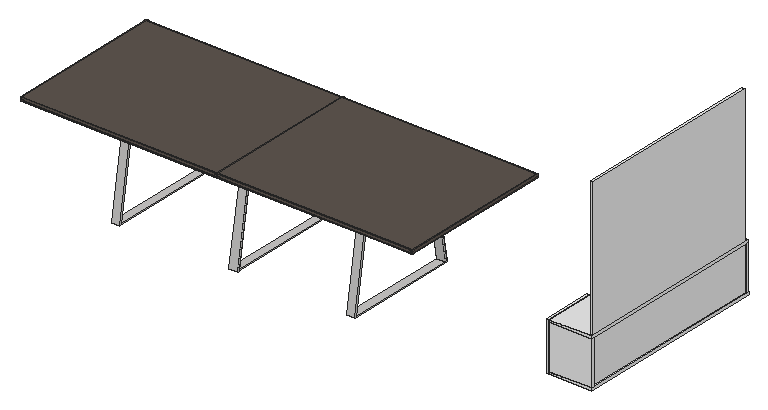
Revit family "T400193", category Furniture, Revit 2018
Family settings
  OmniClass Number = 23.40.20.00
  OmniClass Title = General Furniture and Specialties
  Work Plane-Based = No
  Always vertical = Yes
  Cut with Voids When Loaded = No
  Shared = No
  Room Calculation Point = No
Reference planes (in)
  plane 1 "Center Front/Back": y = 0
  plane 2: z = 0
  plane 3 "Center Left/Right": x = 0
Dimensions and locks (in)
  aligned and locked: level to plane 2
Nested families (in)
  nested 1: "FIRST OFFICE_INTERMIX_STORAGE_WALLMNT_BOX_SLIDING_DOORS" at (91.625, 0, -33.5) x (0, -1, 0) z (0, 0, 1), type "INTERMIX-STORAGE-BOX-WM-SLIDING-DRS_CC-M6015SB3W4"
  nested 2: "FIRST OFFICE_INTERMIX_MEDIA_PANEL_WALLMOUNT_CC-_42__MP" at (91.625, -0.375, 0) x (0, -1, 0) z (0, 0, 1), type "INTERMIX-MEDIA-PANEL_CC-M4258MP"
  nested 3: "FIRST OFFICE_INTERMIX_TOPS_RECTANGULAR" at (-28, 0, 0), type "INTERMIX-TOP-RECTANGULAR_CC-P12048RT"
  nested 4: "OFS INTERMIX METAL BASES" at (-28, 21, 0), type "Hugh Center Base 35"
  nested 5: "OFS INTERMIX METAL BASES" at (-64, 21, 0), type "Hugh Center Base 35"
  nested 6: "OFS INTERMIX METAL BASES" at (8, 21, 0) x (-1, 0, 0) z (0, 0, 1), type "Hugh Center Base 35"
Definition of nested family "FIRST OFFICE_INTERMIX_STORAGE_WALLMNT_BOX_SLIDING_DOORS"
  Parameters (values of type "INTERMIX-STORAGE-BOX-WM-SLIDING-DRS_CC-M4515SB3W3")
    VERTICAL PLANKS = none
    URL = "http://www.firstoffice.com/products/tables/intermix"
    TOP/BOTTOM = none
    Manufacturer = "FIRST OFFICE-INTERMIX"
    MODEL NUMBER = "CC-M4515SB3W3"
    MANUFACTURERS' CODE = "FOF"
    ENVIRONMENTAL = "http://www.firstoffice.com/company/environment/"
    Description = "WALLMOUNT STORAGE BOX SLIDING DOORS 45X15\""
    DOOR = none
    CENTER DIVIDE = no
    1 DOOR 2 OPN = no
    2 DOOR 3 OPN = yes
    2 DOOR 4 OPN = no
    CATALOG CODE = "FOF"
    BOX WIDTH = 3' - 9"
    BOX HEIGHT = 1' - 3"
  Types (37): name | MODEL NUMBER | Description | CENTER DIVIDE | 1 DOOR 2 OPN | 2 DOOR 3 OPN | 2 DOOR 4 OPN | BOX WIDTH | BOX HEIGHT
    (no name) | "CC-M4515SB3W3" | "WALLMOUNT STORAGE BOX SLIDING DOORS 45X15\"" | no | no | yes | no | 3' - 9" | 1' - 3"
    INTERMIX-STORAGE-BOX-WM-SLIDING-DRS_CC-M3110SB3W2 | "CC-M3110SB3W2" | "WALLMOUNT STORAGE BOX SLIDING DOORS 31X10" | yes | yes | no | no | 2' - 7" | 0' - 10"
    INTERMIX-STORAGE-BOX-WM-SLIDING-DRS_CC-M3710SB3W2 | "CC-M3710SB3W2" | "WALLMOUNT STORAGE BOX SLIDING DOORS 37X10\"" | yes | yes | no | no | 3' - 1" | 0' - 10"
    INTERMIX-STORAGE-BOX-WM-SLIDING-DRS_CC-M4510SB3W3 | "CC-M4510SB3W3" | "WALLMOUNT STORAGE BOX SLIDING DOORS 45X10\"" | no | no | yes | no | 3' - 9" | 0' - 10"
    INTERMIX-STORAGE-BOX-WM-SLIDING-DRS_CC-M5410SB3W3 | "CC-M5410SB3W3" | "WALLMOUNT STORAGE BOX SLIDING DOORS 54X10\"" | no | no | yes | no | 4' - 6" | 0' - 10"
    INTERMIX-STORAGE-BOX-WM-SLIDING-DRS_CC-M6010SB3W4 | "CC-M6010SB3W4" | "WALLMOUNT STORAGE BOX SLIDING DOORS 60X10\"" | yes | no | no | yes | 5' - 0" | 0' - 10"
    INTERMIX-STORAGE-BOX-WM-SLIDING-DRS_CC-M7210SB3W2 | "CC-M7210SB3W2" | "WALLMOUNT STORAGE BOX SLIDING DOORS 72X10\"" | yes | yes | no | no | 6' - 0" | 0' - 10"
    INTERMIX-STORAGE-BOX-WM-SLIDING-DRS_CC-M6010SB3W2 | "CC-M6010SB3W2" | "WALLMOUNT STORAGE BOX SLIDING DOORS 60X10\"" | yes | yes | no | no | 5' - 0" | 0' - 10"
    INTERMIX-STORAGE-BOX-WM-SLIDING-DRS_CC-M7210SB3W4 | "CC-M7210SB3W4" | "WALLMOUNT STORAGE BOX SLIDING DOORS 72X10\"" | yes | no | no | yes | 6' - 0" | 0' - 10"
    INTERMIX-STORAGE-BOX-WM-SLIDING-DRS_CC-M9010SB3W3 | "CC-M9010SB3W3" | "WALLMOUNT STORAGE BOX SLIDING DOORS 90X10\"" | no | no | yes | no | 7' - 6" | 0' - 10"
    INTERMIX-STORAGE-BOX-WM-SLIDING-DRS_CC-M3115SB3W2 | "CC-M3115SB3W2" | "WALLMOUNT STORAGE BOX SLIDING DOORS 31X15" | yes | yes | no | no | 2' - 7" | 1' - 3"
    INTERMIX-STORAGE-BOX-WM-SLIDING-DRS_CC-M3715SB3W2 | "CC-M3715SB3W2" | "WALLMOUNT STORAGE BOX SLIDING DOORS 37X15\"" | yes | yes | no | no | 3' - 1" | 1' - 3"
    INTERMIX-STORAGE-BOX-WM-SLIDING-DRS_CC-M4515SB3W3 | "CC-M4515SB3W3" | "WALLMOUNT STORAGE BOX SLIDING DOORS 45X15\"" | no | no | yes | no | 3' - 9" | 1' - 3"
    INTERMIX-STORAGE-BOX-WM-SLIDING-DRS_CC-M5415SB3W3 | "CC-M5415SB3W3" | "WALLMOUNT STORAGE BOX NO DOORS 54X15\"" | no | no | yes | no | 4' - 6" | 1' - 3"
    INTERMIX-STORAGE-BOX-WM-SLIDING-DRS_CC-M6015SB3W2 | "CC-M6015SB3W2" | "WALLMOUNT STORAGE BOX SLIDING DOORS 60X15\"" | yes | yes | no | no | 5' - 0" | 1' - 3"
    INTERMIX-STORAGE-BOX-WM-SLIDING-DRS_CC-M6015SB3W4 | "CC-M6015SB3W4" | "WALLMOUNT STORAGE BOX SLIDING DOORS 60X15\"" | yes | no | no | yes | 5' - 0" | 1' - 3"
    INTERMIX-STORAGE-BOX-WM-SLIDING-DRS_CC-M7215SB3W2 | "CC-M7215SB3W2" | "WALLMOUNT STORAGE BOX SLIDING DOORS 72X15\"" | yes | yes | no | no | 6' - 0" | 1' - 3"
    INTERMIX-STORAGE-BOX-WM-SLIDING-DRS_CC-M7215SB3W4 | "CC-M7215SB3W4" | "WALLMOUNT STORAGE BOX SLIDING DOORS 72X15\"" | yes | no | no | yes | 6' - 0" | 1' - 3"
    INTERMIX-STORAGE-BOX-WM-SLIDING-DRS_CC-M9015SB3W3 | "CC-M9015SB3W3" | "WALLMOUNT STORAGE BOX SLIDING DOORS 90X15\"" | no | no | yes | no | 7' - 6" | 1' - 3"
    INTERMIX-STORAGE-BOX-WM-SLIDING-DRS_CC-W3110SB3W2 | "CC-W3110SB3W2" | "WALLMOUNT STORAGE BOX SLIDING DOORS 31X10" | yes | yes | no | no | 2' - 7" | 0' - 10"
    INTERMIX-STORAGE-BOX-WM-SLIDING-DRS_CC-W3710SB3W2 | "CC-W3710SB3W2" | "WALLMOUNT STORAGE BOX SLIDING DOORS 37X10\"" | yes | yes | no | no | 3' - 1" | 0' - 10"
    INTERMIX-STORAGE-BOX-WM-SLIDING-DRS_CC-W4510SB3W3 | "CC-W4510SB3W3" | "WALLMOUNT STORAGE BOX SLIDING DOORS 45X10\"" | no | no | yes | no | 3' - 9" | 0' - 10"
    INTERMIX-STORAGE-BOX-WM-SLIDING-DRS_CC-W5410SB3W3 | "CC-W5410SB3W3" | "WALLMOUNT STORAGE BOX SLIDING DOORS 54X10\"" | no | no | yes | no | 4' - 6" | 0' - 10"
    INTERMIX-STORAGE-BOX-WM-SLIDING-DRS_CC-W6010SB3W2 | "CC-W6010SB3W2" | "WALLMOUNT STORAGE BOX SLIDING DOORS 60X10\"" | yes | yes | no | no | 5' - 0" | 0' - 10"
    INTERMIX-STORAGE-BOX-WM-SLIDING-DRS_CC-W7210SB3W2 | "CC-W7210SB3W2" | "WALLMOUNT STORAGE BOX SLIDING DOORS 72X10\"" | yes | yes | no | no | 6' - 0" | 0' - 10"
    INTERMIX-STORAGE-BOX-WM-SLIDING-DRS_CC-W6010SB3W4 | "CC-W6010SB3W4" | "WALLMOUNT STORAGE BOX SLIDING DOORS 60X10\"" | yes | no | no | yes | 5' - 0" | 0' - 10"
    INTERMIX-STORAGE-BOX-WM-SLIDING-DRS_CC-W7210SB3W4 | "CC-W7210SB3W4" | "WALLMOUNT STORAGE BOX SLIDING DOORS 72X10\"" | yes | no | no | yes | 6' - 0" | 0' - 10"
    INTERMIX-STORAGE-BOX-WM-SLIDING-DRS_CC-W9010SB3W3 | "CC-W9010SB3W3" | "WALLMOUNT STORAGE BOX SLIDING DOORS 90X10\"" | no | no | yes | no | 7' - 6" | 0' - 10"
    INTERMIX-STORAGE-BOX-WM-SLIDING-DRS_CC-W3115SB3W2 | "CC-W3115SB3W2" | "WALLMOUNT STORAGE BOX SLIDING DOORS 31X15" | yes | yes | no | no | 2' - 7" | 1' - 3"
    INTERMIX-STORAGE-BOX-WM-SLIDING-DRS_CC-W3715SB3W2 | "CC-W3715SB3W2" | "WALLMOUNT STORAGE BOX SLIDING DOORS 37X15" | yes | yes | no | no | 3' - 1" | 1' - 3"
    INTERMIX-STORAGE-BOX-WM-SLIDING-DRS_CC-W4515SB3W3 | "CC-W4515SB3W3" | "WALLMOUNT STORAGE BOX SLIDING DOORS 45X15\"" | no | no | yes | no | 3' - 9" | 1' - 3"
    INTERMIX-STORAGE-BOX-WM-SLIDING-DRS_CC-W5415SB3W3 | "CC-W5415SB3W3" | "WALLMOUNT STORAGE BOX SLIDING DOORS 54X15\"" | no | no | yes | no | 4' - 6" | 1' - 3"
    INTERMIX-STORAGE-BOX-WM-SLIDING-DRS_CC-W6015SB3W2 | "CC-W6015SB1W2" | "WALLMOUNT STORAGE BOX NO DOORS 60X15\"" | yes | yes | no | no | 5' - 0" | 1' - 3"
    INTERMIX-STORAGE-BOX-WM-SLIDING-DRS_CC-W7215SB3W2 | "CC-W7215SB3W2" | "WALLMOUNT STORAGE BOX SLIDING DOORS 72X15\"" | yes | yes | no | no | 6' - 0" | 1' - 3"
    INTERMIX-STORAGE-BOX-WM-SLIDING-DRS_CC-W6015SB3W4 | "CC-W6015SB3W4" | "WALLMOUNT STORAGE BOX SLIDING DOORS 60X15\"" | yes | no | no | yes | 5' - 0" | 1' - 3"
    INTERMIX-STORAGE-BOX-WM-SLIDING-DRS_CC-W7215SB3W4 | "CC-W7215SB3W4" | "WALLMOUNT STORAGE BOX SLIDING DOORS 72X15\"" | yes | no | no | yes | 6' - 0" | 1' - 3"
    INTERMIX-STORAGE-BOX-WM-SLIDING-DRS_CC-W9015SB3W3 | "CC-W9010SB3W3" | "WALLMOUNT STORAGE BOX SLIDING DOORS 90X15\"" | no | no | yes | no | 7' - 6" | 1' - 3"
  Reference planes (in)
    plane 1 "BACK": y = 0
    plane 2: z = 0
    plane 3 "Center Left/Right": x = 0
    plane 4 "LEFT": x = -22.5
    plane 5 "RIGHT": x = 22.5
    plane 6 "FRONT": y = -13
    plane 7: z = 48.5
    plane 8: z = 63.5
    plane 9: y = -0.5
    plane 10: y = -1.25
    plane 11: z = 49.25
    plane 12: z = 62.75
    plane 13: x = -22.125
    plane 14: x = -21.75
    plane 15: x = 22.125
    plane 16: x = 21.75
    plane 17: x = -7.375
    plane 18: x = -11.0625
    plane 19: x = 11.0625
    plane 20: x = 7.375
    plane 21: z = 63.437
    plane 22: z = 48.563
    plane 23: x = 22.437
    plane 24: x = -22.437
    plane 25: y = -13.75
    plane 26: y = -12.25
  Forms (in)
    Extrusion 1, solid, material <- "TOP/BOTTOM"
      sketch origin (0, 0, 8.955) x (1, 0, 0) y (0, 0, 1)
        loop
          line (-22.5, 40.295) -> (-22.5, 39.545) -> (22.5, 39.545) -> (22.5, 40.295) -> (-22.5, 40.295)
      from 0 to 13
    Extrusion 2, solid, material <- "TOP/BOTTOM"
      sketch origin (0, 0, 15.08) x (1, 0, 0) y (0, 0, 1)
        loop
          line (-22.5, 48.42) -> (-22.5, 47.67) -> (22.5, 47.67) -> (22.5, 48.42) -> (-22.5, 48.42)
      from 0 to 13
    Extrusion 3, solid, material <- "VERTICAL PLANKS"
      sketch origin (-22.5, 0, 20.705) x (0, 1, 0) y (0, 0, 1)
        loop
          line (0, 42.045) -> (-13, 42.045) -> (-13, 28.545) -> (0, 28.545) -> (0, 42.045)
      from 0 to 0.75
    Extrusion 4, solid, material <- "VERTICAL PLANKS"
      sketch origin (24, 0, 20.705) x (0, 1, 0) y (0, 0, -1)
        loop
          line (0, -42.045) -> (0, -28.545) -> (-13, -28.545) -> (-13, -42.045) -> (0, -42.045)
      from 1.5 to 2.25
    Extrusion 5, solid, material <- "VERTICAL PLANKS"
      sketch origin (0, 0, 20.705) x (1, 0, 0) y (0, 0, 1)
        loop
          line (-21.75, 42.045) -> (-21.75, 28.545) -> (21.75, 28.545) -> (21.75, 42.045) -> (-21.75, 42.045)
      from 0.5 to 1.25
    Extrusion 6, solid, material <- "VERTICAL PLANKS", visible <- "2 DOOR 4 OPN"
      sketch origin (4.4375, 0, 0) x (1, 0, 0) y (0, 1, 0)
        loop
          line (-15.875, -1.25) -> (-15.875, -12.25) -> (-15.125, -12.25) -> (-15.125, -1.25) -> (-15.875, -1.25)
      from 49.25 to 62.75
    Extrusion 7, solid, material <- "VERTICAL PLANKS", visible <- "2 DOOR 3 OPN"
      sketch origin (8.875, 0, 0) x (1, 0, 0) y (0, 1, 0)
        loop
          line (-16.625, -1.25) -> (-16.625, -12.25) -> (-15.875, -12.25) -> (-15.875, -1.25) -> (-16.625, -1.25)
      from 49.25 to 62.75
    Extrusion 8, solid, material <- "VERTICAL PLANKS", visible <- "CENTER DIVIDE"
      sketch origin (17.75, 0, 0) x (1, 0, 0) y (0, 1, 0)
        loop
          line (-18.125, -1.25) -> (-18.125, -12.25) -> (-17.375, -12.25) -> (-17.375, -1.25) -> (-18.125, -1.25)
      from 49.25 to 62.75
    Extrusion 9, solid, material <- "VERTICAL PLANKS", visible <- "2 DOOR 4 OPN"
      sketch origin (-4.4375, 0, 0) x (-1, 0, 0) y (0, -1, 0)
        loop
          line (-15.875, 1.25) -> (-15.125, 1.25) -> (-15.125, 12.25) -> (-15.875, 12.25) -> (-15.875, 1.25)
      from 49.25 to 62.75
    Extrusion 10, solid, material <- "VERTICAL PLANKS", visible <- "2 DOOR 3 OPN"
      sketch origin (-8.875, 0, 0) x (-1, 0, 0) y (0, -1, 0)
        loop
          line (-16.625, 1.25) -> (-15.875, 1.25) -> (-15.875, 12.25) -> (-16.625, 12.25) -> (-16.625, 1.25)
      from 49.25 to 62.75
    Extrusion 11, solid, material <- "DOOR", visible <- "2 DOOR 4 OPN"
      sketch origin (0, 0, 0) x (1, 0, 0) y (0, 1, 0)
        loop
          line (-10.6875, -13) -> (-22.437, -13) -> (-22.437, -13.75) -> (-10.6875, -13.75) -> (-10.6875, -13)
      from 48.563 to 63.437
    Extrusion 12, solid, material <- "DOOR", visible <- "2 DOOR 4 OPN"
      sketch origin (21.5, 0, 0) x (1, 0, 0) y (0, 1, 0)
        loop
          line (0.937, -13) -> (-10.8125, -13) -> (-10.8125, -13.75) -> (0.937, -13.75) -> (0.937, -13)
      from 48.563 to 63.437
    Extrusion 13, solid, material <- "DOOR", visible <- "2 DOOR 3 OPN"
      sketch origin (1.5, 0, 0) x (1, 0, 0) y (0, 1, 0)
        loop
          line (-8.5, -13) -> (-23.937, -13) -> (-23.937, -13.75) -> (-8.5, -13.75) -> (-8.5, -13)
      from 48.563 to 63.437
    Extrusion 14, solid, material <- "DOOR", visible <- "2 DOOR 3 OPN"
      sketch origin (19.88722, 0, 0) x (1, 0, 0) y (0, 1, 0)
        loop
          line (2.54978, -13) -> (-12.88722, -13) -> (-12.88722, -13.75) -> (2.54978, -13.75) -> (2.54978, -13)
      from 48.563 to 63.437
    Extrusion 15, solid, material <- "DOOR", visible <- "1 DOOR 2 OPN"
      sketch origin (4, 0, 0) x (1, 0, 0) y (0, 1, 0)
        loop
          line (-3.625, -13) -> (-26.437, -13) -> (-26.437, -13.75) -> (-3.625, -13.75) -> (-3.625, -13)
      from 48.563 to 63.437
    Extrusion 16, void
      sketch origin (0, 0, 0) x (0, 1, 0) y (0, 0, 1)
        loop
          line (-12.7, 49.25) -> (-12.7, 48.9375) -> (-12.3875, 48.9375) -> (-12.3875, 49.25) -> (-12.7, 49.25)
      from -21.75 to 21.75
    Extrusion 17, void
      sketch origin (0, 0, 13.8125) x (0, 1, 0) y (0, 0, 1)
        loop
          line (-12.7, 49.25) -> (-12.7, 48.9375) -> (-12.3875, 48.9375) -> (-12.3875, 49.25) -> (-12.7, 49.25)
      from -21.75 to 21.75
    Extrusion 18, solid
      sketch origin (0, 0, 0) x (0, 1, 0) y (0, 0, 1)
        loop
          line (-12.3875, 49.25) -> (-12.4375, 49.25) -> (-12.4375, 48.99) -> (-12.65, 48.99) -> (-12.65, 49.25) -> (-12.7, 49.25) -> (-12.7, 48.9375) -> (-12.3875, 48.9375) -> (-12.3875, 49.25)
      from -21.75 to 21.75
    Extrusion 19, solid
      sketch origin (0, -25.0875, 112) x (0, -1, 0) y (0, 0, -1)
        loop
          line (-12.3875, 49.25) -> (-12.4375, 49.25) -> (-12.4375, 48.99) -> (-12.65, 48.99) -> (-12.65, 49.25) -> (-12.7, 49.25) -> (-12.7, 48.9375) -> (-12.3875, 48.9375) -> (-12.3875, 49.25)
      from -21.75 to 21.75
  Cuts and joins
    Extrusion 16, Extrusion 17 cuts Extrusion 1
    Extrusion 17 cuts Extrusion 3
    Extrusion 17 cuts Extrusion 4
    Extrusion 17 cuts Extrusion 2
  Lines and regions (in)
    Masking region 1
      outline origin (0, 0, 0) x (1, 0, 0) y (0, 1, 0)
        loop
          line (-22.5, 0) -> (-22.5, -13) -> (22.5, -13) -> (22.5, 0) -> (-22.5, 0)
    Masking region 2
      outline origin (0, 0, 0) x (1, 0, 0) y (0, 1, 0)
        loop
          line (-22.5, 0) -> (-22.5, -13) -> (22.5, -13) -> (22.5, 0) -> (-22.5, 0)
    Masking region 3, visible <- "2 DOOR 4 OPN"
      outline origin (0, 0, 0) x (1, 0, 0) y (0, 1, 0)
        loop
          line (10.6875, -13) -> (10.6875, -13.75) -> (22.437, -13.75) -> (22.437, -13) -> (10.6875, -13)
    Masking region 4, visible <- "2 DOOR 3 OPN"
      outline origin (0, 0, 0) x (1, 0, 0) y (0, 1, 0)
        loop
          line (7, -13) -> (7, -13.75) -> (22.437, -13.75) -> (22.437, -13) -> (7, -13)
    Masking region 5, visible <- "2 DOOR 4 OPN"
      outline origin (0, 0, 0) x (1, 0, 0) y (0, 1, 0)
        loop
          line (-22.437, -13) -> (-22.437, -13.75) -> (-10.6875, -13.75) -> (-10.6875, -13) -> (-22.437, -13)
    Masking region 6, visible <- "2 DOOR 3 OPN"
      outline origin (0, 0, 0) x (1, 0, 0) y (0, 1, 0)
        loop
          line (-22.437, -13) -> (-22.437, -13.75) -> (-7, -13.75) -> (-7, -13) -> (-22.437, -13)
    Masking region 7, visible <- "1 DOOR 2 OPN"
      outline origin (0, 0, 0) x (1, 0, 0) y (0, 1, 0)
        loop
          line (-22.437, -13) -> (-22.437, -13.75) -> (0.375, -13.75) -> (0.375, -13) -> (-22.437, -13)
  Dimensions and locks (in)
    "BOX WIDTH": plane 4 "LEFT" to plane 5 "RIGHT"
    locked: plane 7 to plane 2 at 48.5
    "BOX HEIGHT": plane 8 to plane 7
    locked: plane 8 to plane 12 at 0.75
    locked: plane 11 to plane 7 at 0.75
    plane 4 "LEFT" to plane 13 to plane 14 = 0' - 0 3/8" locked, 0' - 0 3/8" locked
    plane 16 to plane 15 to plane 5 "RIGHT" = 0' - 0 3/8" locked, 0' - 0 3/8" locked
    equal spacing: plane 13, plane 18, plane 3 "Center Left/Right", plane 19, plane 15
    Extrusion 6 sketch curve to plane 18 to Extrusion 6 sketch curve = 0' - 0 3/8" locked, 0' - 0 3/8" locked
    Extrusion 7 sketch curve to plane 17 to Extrusion 7 sketch curve = 0' - 0 3/8" locked, 0' - 0 3/8" locked
    Extrusion 8 sketch curve to plane 3 "Center Left/Right" to Extrusion 8 sketch curve = 0' - 0 3/8" locked, 0' - 0 3/8" locked
    Extrusion 10 sketch curve to plane 20 to Extrusion 10 sketch curve = 0' - 0 3/8" locked, 0' - 0 3/8" locked
    Extrusion 9 sketch curve to plane 19 to Extrusion 9 sketch curve = 0' - 0 3/8" locked, 0' - 0 3/8" locked
    plane 10 to plane 9 to plane 1 "BACK" = 0' - 0 3/4" locked, 0' - 0 1/2" locked
    locked: plane 8 to plane 21 at 0.063
    locked: plane 22 to plane 7 at 0.063
    locked: plane 23 to plane 5 "RIGHT" at 0.063
    locked: plane 4 "LEFT" to plane 24 at 0.063
    equal spacing: plane 13, plane 17, plane 20, plane 15
    locked: plane 25 to plane 1 "BACK" at 13.75
    plane 25 to plane 6 "FRONT" to plane 26 = 0' - 0 3/4" locked, 0' - 0 3/4" locked
    aligned and locked: Extrusion 1 sketch curve to plane 4 "LEFT"
    aligned and locked: Extrusion 1 sketch curve to plane 7
    aligned and locked: plane 5 "RIGHT" to Extrusion 1 sketch curve
    aligned and locked: Extrusion 1 to plane 1 "BACK"
    aligned and locked: plane 6 "FRONT" to Extrusion 1
    aligned and locked: Masking region 1 sketch curve to plane 4 "LEFT"
    aligned and locked: plane 5 "RIGHT" to Masking region 1 sketch curve
    aligned and locked: plane 8 to Extrusion 2 sketch curve
    aligned and locked: plane 6 "FRONT" to Extrusion 2
    aligned and locked: plane 6 "FRONT" to Extrusion 3
    aligned and locked: plane 6 "FRONT" to Extrusion 4
    aligned and locked: Extrusion 5 to plane 9
    aligned and locked: plane 14 to Extrusion 3
    aligned and locked: Extrusion 5 to plane 14
    aligned and locked: Extrusion 5 to plane 16
    aligned and locked: plane 5 "RIGHT" to Extrusion 4
    aligned and locked: plane 16 to Extrusion 4
    aligned and locked: plane 12 to Extrusion 3
    aligned and locked: plane 12 to Extrusion 4
    aligned and locked: Extrusion 2 to plane 12
    aligned and locked: plane 12 to Extrusion 5
    aligned and locked: plane 11 to Extrusion 1
    aligned and locked: Extrusion 3 to plane 11
    aligned and locked: Extrusion 4 to plane 11
    aligned and locked: Extrusion 5 to plane 11
    aligned and locked: plane 12 to Extrusion 6
    aligned and locked: plane 12 to Extrusion 7
    aligned and locked: plane 12 to Extrusion 8
    aligned and locked: plane 12 to Extrusion 10
    aligned and locked: plane 12 to Extrusion 9
    aligned and locked: Extrusion 11 to plane 22
    aligned and locked: plane 21 to Extrusion 11
    aligned and locked: Extrusion 11 sketch curve to plane 24
    aligned and locked: Extrusion 11 sketch curve to Extrusion 6
    aligned and locked: plane 23 to Extrusion 12 sketch curve
    aligned and locked: Extrusion 9 to Extrusion 12 sketch curve
    aligned and locked: plane 25 to Extrusion 12 sketch curve
    aligned and locked: Extrusion 12 sketch curve to plane 6 "FRONT"
    aligned and locked: Extrusion 13 sketch curve to plane 24
    aligned and locked: Extrusion 13 sketch curve to plane 6 "FRONT"
    aligned and locked: plane 25 to Extrusion 13 sketch curve
    aligned and locked: Extrusion 13 sketch curve to Extrusion 7
    aligned and locked: Extrusion 10 to Extrusion 14 sketch curve
    aligned and locked: plane 23 to Extrusion 14 sketch curve
    aligned and locked: plane 25 to Extrusion 14 sketch curve
    aligned and locked: Extrusion 14 sketch curve to plane 6 "FRONT"
    aligned and locked: Extrusion 15 sketch curve to plane 6 "FRONT"
    aligned and locked: plane 25 to Extrusion 15 sketch curve
    aligned and locked: Extrusion 15 sketch curve to plane 24
    aligned and locked: Extrusion 15 sketch curve to Extrusion 8
    aligned and locked: Extrusion 12 to plane 22
    aligned and locked: Extrusion 14 to plane 22
    aligned and locked: plane 21 to Extrusion 14
    aligned and locked: plane 21 to Extrusion 12
    aligned and locked: plane 22 to Extrusion 13
    aligned and locked: Extrusion 15 to plane 22
    aligned and locked: plane 21 to Extrusion 15
    aligned and locked: plane 21 to Extrusion 13
    aligned and locked: Extrusion 6 sketch curve to plane 26
    aligned and locked: Extrusion 7 sketch curve to plane 26
    aligned and locked: Extrusion 8 sketch curve to plane 26
    aligned and locked: plane 26 to Extrusion 10 sketch curve
    aligned and locked: plane 26 to Extrusion 9 sketch curve
    aligned and locked: cut or joined group of Extrusion 1, Extrusion 16, Extrusion 17 to plane 14
    aligned and locked: cut or joined group of Extrusion 1, Extrusion 16, Extrusion 17 to plane 16
    aligned and locked: Extrusion 17 to plane 12
    aligned and locked: Extrusion 17 to plane 16
    aligned and locked: Extrusion 17 to plane 14
    aligned and locked: Extrusion 18 to plane 14
    aligned and locked: Extrusion 18 to plane 16
    aligned and locked: Extrusion 19 to plane 12  (x2)
    aligned and locked: Extrusion 19 to plane 14
    aligned and locked: Extrusion 19 to plane 16
  Automatic sketch dimensions
    Extrusion 1 sketch curve to plane 11 = 0' - 0"
    plane 6 "FRONT" to Masking region 1 sketch curve = 0' - 0"
    plane 1 "BACK" to Masking region 1 sketch curve = 0' - 0"
    Extrusion 2 sketch curve to plane 4 "LEFT" = 0' - 0"
    Extrusion 2 sketch curve to plane 5 "RIGHT" = 0' - 0"
    Extrusion 2 sketch curve to plane 12 = 0' - 0"
    Extrusion 3 sketch curve to plane 6 "FRONT" = 0' - 0"
    Extrusion 3 sketch curve to plane 1 "BACK" = 0' - 0"
    Extrusion 3 sketch curve to plane 11 = 0' - 0"
    Extrusion 3 sketch curve to plane 12 = 0' - 0"
    Extrusion 4 sketch curve to plane 6 "FRONT" = 0' - 0"
    Extrusion 4 sketch curve to plane 1 "BACK" = 0' - 0"
    Extrusion 4 sketch curve to plane 12 = 0' - 0"
    Extrusion 4 sketch curve to plane 11 = 0' - 0"
    Extrusion 5 sketch curve to plane 11 = 0' - 0"
    Extrusion 5 sketch curve to plane 14 = 0' - 0"
    Extrusion 5 sketch curve to plane 12 = 0' - 0"
    plane 16 to Extrusion 5 sketch curve = 0' - 0"
    Masking region 2 sketch curve to plane 4 "LEFT" = 0' - 0"
    plane 1 "BACK" to Masking region 2 sketch curve = 0' - 0"
    Masking region 2 sketch curve to plane 5 "RIGHT" = 0' - 0"
    plane 6 "FRONT" to Masking region 2 sketch curve = 0' - 0"
    plane 10 to Extrusion 6 sketch curve = 0' - 0"
    plane 10 to Extrusion 7 sketch curve = 0' - 0"
    plane 10 to Extrusion 8 sketch curve = 0' - 0"
    plane 10 to Extrusion 9 sketch curve = 0' - 0"
    plane 10 to Extrusion 10 sketch curve = 0' - 0"
    plane 25 to Extrusion 11 sketch curve = 0' - 0"
    plane 6 "FRONT" to Extrusion 11 sketch curve = 0' - 0"
    plane 25 to Masking region 3 sketch curve = 0' - 0"
    plane 6 "FRONT" to Masking region 3 sketch curve = 0' - 0"
    Masking region 3 sketch curve to plane 23 = 0' - 0"
    plane 19 to Masking region 3 sketch curve = 0' - 0 3/8"
    plane 25 to Masking region 4 sketch curve = 0' - 0"
    plane 6 "FRONT" to Masking region 4 sketch curve = 0' - 0"
    Masking region 4 sketch curve to plane 23 = 0' - 0"
    plane 20 to Masking region 4 sketch curve = 0' - 0 3/8"
    Masking region 5 sketch curve to plane 24 = 0' - 0"
    plane 6 "FRONT" to Masking region 5 sketch curve = 0' - 0"
    plane 25 to Masking region 5 sketch curve = 0' - 0"
    plane 18 to Masking region 5 sketch curve = 0' - 0 3/8"
    Masking region 6 sketch curve to plane 24 = 0' - 0"
    plane 6 "FRONT" to Masking region 6 sketch curve = 0' - 0"
    plane 25 to Masking region 6 sketch curve = 0' - 0"
    plane 17 to Masking region 6 sketch curve = 0' - 0 3/8"
    Masking region 7 sketch curve to plane 24 = 0' - 0"
    plane 6 "FRONT" to Masking region 7 sketch curve = 0' - 0"
    plane 25 to Masking region 7 sketch curve = 0' - 0"
    plane 3 "Center Left/Right" to Masking region 7 sketch curve = 0' - 0 3/8"
    Extrusion 16 sketch curve to plane 11 = 0' - 0"
    Extrusion 16 sketch curve to plane 6 "FRONT" = 0' - 0.3"
    plane 26 to Extrusion 16 sketch curve = 0' - 0.1375"
    Extrusion 16 sketch curve to plane 11 = 0' - 0 5/16"
    Extrusion 17 sketch curve to plane 12 = 0' - 0"
    Extrusion 17 sketch curve to plane 6 "FRONT" = 0' - 0.3"
    plane 26 to Extrusion 17 sketch curve = 0' - 0.1375"
    plane 12 to Extrusion 17 sketch curve = 0' - 0 5/16"
    Extrusion 18 sketch curve to plane 11 = 0' - 0"  (x2)
    Extrusion 18 sketch curve to plane 6 "FRONT" = 0' - 0.3"
    Extrusion 18 sketch curve to Extrusion 18 sketch curve = 0' - 0.05"  (x2)
    plane 26 to Extrusion 18 sketch curve = 0' - 0 3/16"
    Extrusion 18 sketch curve to plane 11 = 0' - 0.26"
    Extrusion 18 sketch curve to Extrusion 18 sketch curve = 0' - 0.0525"
    plane 26 to Extrusion 19 sketch curve = 0' - 0.1375"
    Extrusion 19 sketch curve to Extrusion 19 sketch curve = 0' - 0.05"  (x2)
    Extrusion 19 sketch curve to Extrusion 19 sketch curve = 0' - 0.2125"
    plane 12 to Extrusion 19 sketch curve = 0' - 0 5/16"
    Extrusion 19 sketch curve to Extrusion 19 sketch curve = 0' - 0.0525"
    Extrusion 19 sketch curve to Extrusion 19 sketch curve = 0' - 0.26"
    Extrusion 19 sketch curve to Extrusion 19 sketch curve = 0' - 0"
Definition of nested family "FIRST OFFICE_INTERMIX_MEDIA_PANEL_WALLMOUNT_CC-_42__MP"
  Parameters (values of type "INTERMIX-MEDIA-PANEL_CC-M4242MP")
    MEDIA PANEL = none
    URL = "http://www.firstoffice.com/products/tables/intermix"
    PANEL WIDTH = 3' - 6"
    Manufacturer = "FIRST OFFICE-INTERMIX"
    MODEL NUMBER = "CC-M4242MP"
    MANUFACTURERS' CODE = "FOF"
    ENVIRONMENTAL = "http://www.firstoffice.com/company/environment/"
    Description = "WALLMOUNT MEDIA PANEL 42\""
    CATALOG CODE = "FOF"
  Types (19): name | PANEL WIDTH | MODEL NUMBER | Description
    (no name) | 3' - 6" | "CC-M4242MP" | "WALLMOUNT MEDIA PANEL 42\""
    INTERMIX-MEDIA-PANEL_CC-M4216MP | 1' - 4" | "CC-M4216MP" | "WALLMOUNT MEDIA PANEL 16\""
    INTERMIX-MEDIA-PANEL_CC-M4232MP | 2' - 8" | "CC-M4232MP" | "WALLMOUNT MEDIA PANEL 32\""
    INTERMIX-MEDIA-PANEL_CC-M4237MP | 3' - 1" | "CC-M4237MP" | "WALLMOUNT MEDIA PANEL 37\""
    INTERMIX-MEDIA-PANEL_CC-M4240MP | 3' - 4" | "CC-M4240MP" | "WALLMOUNT MEDIA PANEL 40\""
    INTERMIX-MEDIA-PANEL_CC-M4242MP | 3' - 6" | "CC-M4242MP" | "WALLMOUNT MEDIA PANEL 42\""
    INTERMIX-MEDIA-PANEL_CC-M4246MP | 3' - 10" | "CC-M4246MP" | "WALLMOUNT MEDIA PANEL 46\""
    INTERMIX-MEDIA-PANEL_CC-M4252MP | 4' - 4" | "CC-M4252MP" | "WALLMOUNT MEDIA PANEL 52\""
    INTERMIX-MEDIA-PANEL_CC-M4258MP | 4' - 10" | "CC-M4258MP" | "WALLMOUNT MEDIA PANEL 58\""
    INTERMIX-MEDIA-PANEL_CC-W4216MP | 1' - 4" | "CC-W4216MP" | "WALLMOUNT MEDIA PANEL 16\""
    INTERMIX-MEDIA-PANEL_CC-W4232MP | 2' - 8" | "CC-W4232MP" | "WALLMOUNT MEDIA PANEL 32\""
    INTERMIX-MEDIA-PANEL_CC-W4237MP | 3' - 1" | "CC-W4237MP" | "WALLMOUNT MEDIA PANEL 37\""
    INTERMIX-MEDIA-PANEL_CC-W4240MP | 3' - 4" | "CC-W4240MP" | "WALLMOUNT MEDIA PANEL 40\""
    INTERMIX-MEDIA-PANEL_CC-W4242MP | 3' - 6" | "CC-W4242MP" | "WALLMOUNT MEDIA PANEL 42\""
    INTERMIX-MEDIA-PANEL_CC-W4246MP | 3' - 10" | "CC-W4246MP" | "WALLMOUNT MEDIA PANEL 46\""
    INTERMIX-MEDIA-PANEL_CC-W4252MP | 4' - 4" | "CC-W4252MP" | "WALLMOUNT MEDIA PANEL 52\""
    INTERMIX-MEDIA-PANEL_CC-W4258MP | 4' - 10" | "CC-W4258MP" | "WALLMOUNT MEDIA PANEL 58\""
    INTERMIX-MEDIA-PANEL_CC-W4265MP | 5' - 5" | "CC-W4265MP" | "WALLMOUNT MEDIA PANEL 65\""
    INTERMIX-MEDIA-PANEL_CC-W4270MP | 5' - 10" | "CC-W4270MP" | "WALLMOUNT MEDIA PANEL 70\""
  Reference planes (in)
    plane 1 "BACK": y = 0
    plane 2: z = 0
    plane 3 "Center Left/Right": x = 0
    plane 4 "LEFT": x = -21
    plane 5 "RIGHT": x = 21
    plane 6 "FRONT": y = -0.75
    plane 7: z = 30
    plane 8: z = 72
  Forms (in)
    Extrusion 1, solid, material <- "MEDIA PANEL"
      sketch origin (0, 0, 0) x (1, 0, 0) y (0, 0, 1)
        loop
          line (-21, 72) -> (-21, 30) -> (21, 30) -> (21, 72) -> (-21, 72)
      from 0 to 0.75
  Lines and regions (in)
    Masking region 1
      outline origin (0, 0, 0) x (1, 0, 0) y (0, 1, 0)
        loop
          line (-21, 0) -> (-21, -0.75) -> (21, -0.75) -> (21, 0) -> (-21, 0)
  Dimensions and locks (in)
    equal spacing: plane 4 "LEFT", plane 3 "Center Left/Right", plane 5 "RIGHT"
    "PANEL WIDTH": plane 4 "LEFT" to plane 5 "RIGHT"
    locked: plane 7 to plane 2 at 30
    locked: plane 1 "BACK" to plane 6 "FRONT" at 0.75
    locked: plane 8 to plane 7 at 42
    aligned and locked: Masking region 1 sketch curve to plane 4 "LEFT"
    aligned and locked: plane 5 "RIGHT" to Masking region 1 sketch curve
    aligned and locked: Extrusion 1 to plane 4 "LEFT"
    aligned and locked: plane 5 "RIGHT" to Extrusion 1
    aligned and locked: plane 6 "FRONT" to Extrusion 1
    aligned and locked: Extrusion 1 to plane 7
    aligned and locked: plane 8 to Extrusion 1
  Automatic sketch dimensions
    plane 6 "FRONT" to Masking region 1 sketch curve = 0' - 0"
    plane 1 "BACK" to Masking region 1 sketch curve = 0' - 0"
    Extrusion 1 sketch curve to plane 3 "Center Left/Right" = 1' - 9"
    plane 3 "Center Left/Right" to Extrusion 1 sketch curve = 1' - 9"
    Extrusion 1 sketch curve to plane 8 = 0' - 0"
    plane 7 to Extrusion 1 sketch curve = 0' - 0"
Definition of nested family "FIRST OFFICE_INTERMIX_TOPS_RECTANGULAR"
  Parameters (values of type "INTERMIX-TOP-RECTANGULAR_CC-K7236RT")
    URL = "http://www.firstoffice.com/products/tables/intermix"
    TWO PIECE = TOP WIDTH > 9' 0"  # no
    TOP WIDTH = 6' - 0"
    TOP DEPTH = 3' - 0"
    TOP CORE = none
    THICKNESS = 0' - 1 1/8"
    ONE PIECE = TOP WIDTH < 9' 0"  # yes
    Manufacturer = "FIRST OFFICE-INTERMIX"
    MODEL NUMBER = "CC-K7236RT"
    MANUFACTURERS' CODE = "FOF"
    ENVIRONMENTAL = "http://www.firstoffice.com/company/environment/"
    EDGE SHAPE = none
    Description = "RECTANGULAR TOP/SEATS 6"
    CATALOG CODE = "FOF"
  Types (36): name | TWO PIECE | TOP WIDTH | TOP DEPTH | THICKNESS | ONE PIECE | MODEL NUMBER | Description
    (no name) | no | 6' - 0" | 3' - 0" | 0' - 1 1/8" | yes | "CC-K7236RT" | "RECTANGULAR TOP/SEATS 6"
    INTERMIX-TOP-RECTANGULAR_CC-K7236RT | no | 6' - 0" | 3' - 0" | 0' - 1 1/8" | yes | "CC-K7236RT" | "RECTANGULAR TOP/SEATS 6"
    INTERMIX-TOP-RECTANGULAR_CC-K8442RT | no | 7' - 0" | 3' - 6" | 0' - 1 1/8" | yes | "CC-K8442RT" | "RECTANGULAR TOP/SEATS 6"
    INTERMIX-TOP-RECTANGULAR_CC-K9642RT | no | 8' - 0" | 3' - 6" | 0' - 1 1/8" | yes | "CC-K9642RT" | "RECTANGULAR TOP/SEATS 8"
    INTERMIX-TOP-RECTANGULAR_CC-K12048RT | yes | 10' - 0" | 4' - 0" | 0' - 1 1/8" | no | "CC-K12048RT" | "RECTANGULAR TOP/SEATS 10"
    INTERMIX-TOP-RECTANGULAR_CC-K14448RT | yes | 12' - 0" | 4' - 0" | 0' - 1 1/8" | no | "CC-K14448RT" | "RECTANGULAR TOP/SEATS 12"
    INTERMIX-TOP-RECTANGULAR_CC-K16848RT | yes | 14' - 0" | 4' - 0" | 0' - 1 1/8" | no | "CC-K16848RT" | "RECTANGULAR TOP/SEATS 14"
    INTERMIX-TOP-RECTANGULAR_CC-K19248RT | yes | 16' - 0" | 4' - 0" | 0' - 1 1/8" | no | "CC-K19248RT" | "RECTANGULAR TOP/SEATS 16"
    INTERMIX-TOP-RECTANGULAR_CC-P7236RT | no | 6' - 0" | 3' - 0" | 0' - 1 1/8" | yes | "CC-P7236RT" | "RECTANGULAR TOP/SEATS 6"
    INTERMIX-TOP-RECTANGULAR_CC-P8442RT | no | 7' - 0" | 3' - 6" | 0' - 1 1/8" | yes | "CC-P8442RT" | "RECTANGULAR TOP/SEATS 6"
    INTERMIX-TOP-RECTANGULAR_CC-P9642RT | no | 8' - 0" | 3' - 6" | 0' - 1 1/8" | yes | "CC-P9642RT" | "RECTANGULAR TOP/SEATS 8"
    INTERMIX-TOP-RECTANGULAR_CC-P12048RT | yes | 10' - 0" | 4' - 0" | 0' - 1 1/8" | no | "CC-P12048RT" | "RECTANGULAR TOP/SEATS 10"
    INTERMIX-TOP-RECTANGULAR_CC-P14448RT | yes | 12' - 0" | 4' - 0" | 0' - 1 1/8" | no | "CC-P14448RT" | "RECTANGULAR TOP/SEATS 12"
    INTERMIX-TOP-RECTANGULAR_CC-P16848RT | yes | 14' - 0" | 4' - 0" | 0' - 1 1/8" | no | "CC-P16848RT" | "RECTANGULAR TOP/SEATS 14"
    INTERMIX-TOP-RECTANGULAR_CC-P19248RT | yes | 16' - 0" | 4' - 0" | 0' - 1 1/8" | no | "CC-P19248RT" | "RECTANGULAR TOP/SEATS 16"
    INTERMIX-TOP-RECTANGULAR_CC-C7236RT | no | 6' - 0" | 3' - 0" | 0' - 1.188" | yes | "CC-C7236RT" | "RECTANGULAR TOP/SEATS 6"
    INTERMIX-TOP-RECTANGULAR_CC-C8442RT | no | 7' - 0" | 3' - 6" | 0' - 1.188" | yes | "CC-C8442RT" | "RECTANGULAR TOP/SEATS 6"
    INTERMIX-TOP-RECTANGULAR_CC-C9642RT | no | 8' - 0" | 3' - 6" | 0' - 1.188" | yes | "CC-C9642RT" | "RECTANGULAR TOP/SEATS 8"
    INTERMIX-TOP-RECTANGULAR_CC-C12048RT | yes | 10' - 0" | 4' - 0" | 0' - 1.188" | no | "CC-C12048RT" | "RECTANGULAR TOP/SEATS 10"
    INTERMIX-TOP-RECTANGULAR_CC-C14448RT | yes | 12' - 0" | 4' - 0" | 0' - 1.188" | no | "CC-C14448RT" | "RECTANGULAR TOP/SEATS 12"
    INTERMIX-TOP-RECTANGULAR_CC-C16848RT | yes | 14' - 0" | 4' - 0" | 0' - 1.188" | no | "CC-C16848RT" | "RECTANGULAR TOP/SEATS 14"
    INTERMIX-TOP-RECTANGULAR_CC-C19248RT | yes | 16' - 0" | 4' - 0" | 0' - 1.188" | no | "CC-C19248RT" | "RECTANGULAR TOP/SEATS 16"
    INTERMIX-TOP-RECTANGULAR_CC-L7236RT | no | 6' - 0" | 3' - 0" | 0' - 1.188" | yes | "CC-L7236RT" | "RECTANGULAR TOP/SEATS 6"
    INTERMIX-TOP-RECTANGULAR_CC-L8442RT | no | 7' - 0" | 3' - 6" | 0' - 1.188" | yes | "CC-L8442RT" | "RECTANGULAR TOP/SEATS 6"
    INTERMIX-TOP-RECTANGULAR_CC-L9642RT | no | 8' - 0" | 3' - 6" | 0' - 1.188" | yes | "CC-L9642RT" | "RECTANGULAR TOP/SEATS 8"
    INTERMIX-TOP-RECTANGULAR_CC-L12048RT | yes | 10' - 0" | 4' - 0" | 0' - 1.188" | no | "CC-L12048RT" | "RECTANGULAR TOP/SEATS 10"
    INTERMIX-TOP-RECTANGULAR_CC-L14448RT | yes | 12' - 0" | 4' - 0" | 0' - 1.188" | no | "CC-L14448RT" | "RECTANGULAR TOP/SEATS 12"
    INTERMIX-TOP-RECTANGULAR_CC-L16848RT | yes | 14' - 0" | 4' - 0" | 0' - 1.188" | no | "CC-L16848RT" | "RECTANGULAR TOP/SEATS 14"
    INTERMIX-TOP-RECTANGULAR_CC-L19248RT | yes | 16' - 0" | 4' - 0" | 0' - 1.188" | no | "CC-L19248RT" | "RECTANGULAR TOP/SEATS 16"
    INTERMIX-TOP-RECTANGULAR_CC-W7236RT | no | 6' - 0" | 3' - 0" | 0' - 1.188" | yes | "CC-W7236RT" | "RECTANGULAR TOP/SEATS 6"
    INTERMIX-TOP-RECTANGULAR_CC-W8442RT | no | 7' - 0" | 3' - 6" | 0' - 1.188" | yes | "CC-W8442RT" | "RECTANGULAR TOP/SEATS 6"
    INTERMIX-TOP-RECTANGULAR_CC-W9642RT | no | 8' - 0" | 3' - 6" | 0' - 1.188" | yes | "CC-W9642RT" | "RECTANGULAR TOP/SEATS 8"
    INTERMIX-TOP-RECTANGULAR_CC-W12048RT | yes | 10' - 0" | 4' - 0" | 0' - 1.188" | no | "CC-W12048RT" | "RECTANGULAR TOP/SEATS 10"
    INTERMIX-TOP-RECTANGULAR_CC-W14448RT | yes | 12' - 0" | 4' - 0" | 0' - 1.188" | no | "CC-W14448RT" | "RECTANGULAR TOP/SEATS 12"
    INTERMIX-TOP-RECTANGULAR_CC-W16848RT | yes | 14' - 0" | 4' - 0" | 0' - 1.188" | no | "CC-W16848RT" | "RECTANGULAR TOP/SEATS 14"
    INTERMIX-TOP-RECTANGULAR_CC-W19248RT | yes | 16' - 0" | 4' - 0" | 0' - 1.188" | no | "CC-W19248RT" | "RECTANGULAR TOP/SEATS 16"
  Reference planes (in)
    plane 1 "Center Front/Back": y = 0
    plane 2: z = 0
    plane 3 "Center Left/Right": x = 0
    plane 4 "LEFT": x = -36
    plane 5 "RIGHT": x = 36
    plane 6 "SURFACE TOP": z = 29.9375
    plane 7 "BASE HEIGHT": z = 28.8125
    plane 8 "BACK": y = 18
    plane 9 "FRONT": y = -18
  Forms (in)
    Sweep 1, solid, material <- "EDGE SHAPE", visible <- "ONE PIECE"
      path origin (0, 0, 28.8125) x (0, 1, 0) y (-1, 0, 0)
        loop
          line (-18, 36) -> (-18, -36) -> (18, -36) -> (18, 36) -> (-18, 36)
      profile origin (-36, 0, 28.8125) x (-1, 0, 0) y (0, 0, 1)
        loop
          line (0, 0.125) -> (0, 1)
          arc (0, 1) -> (-0.03661, 1.08839) -> (-0.125, 1.125) r 0.125
          line (-0.125, 1.125) -> (-0.125, 0)
          arc (-0.125, 0) -> (-0.03661, 0.03661) -> (0, 0.125) r 0.125
    Extrusion 2, solid, material <- "TOP CORE", visible <- "ONE PIECE"
      sketch origin (0, 0, 28.8125) x (0, 1, 0) y (-1, 0, 0)
        loop
          line (17.875, 35.875) -> (-17.875, 35.875) -> (-17.875, -35.875) -> (17.875, -35.875) -> (17.875, 35.875)
      from 0 to 1.125
    Sweep 3, solid, material <- "EDGE SHAPE", visible <- "TWO PIECE"
      path origin (0, -2, 28.8125) x (0, 1, 0) y (-1, 0, 0)
        loop
          line (-16, 0) -> (-16, 36) -> (20, 36) -> (20, 0)
      profile origin (-36, 0, 28.8125) x (-1, 0, 0) y (0, 0, 1)
        loop
          line (0, 0.125) -> (0, 1)
          arc (0, 1) -> (-0.03661, 1.08839) -> (-0.125, 1.125) r 0.125
          line (-0.125, 1.125) -> (-0.125, 0)
          arc (-0.125, 0) -> (-0.03661, 0.03661) -> (0, 0.125) r 0.125
    Extrusion 4, solid, material <- "TOP CORE", visible <- "TWO PIECE"
      sketch origin (0, -2, 28.8125) x (0, 1, 0) y (-1, 0, 0)
        loop
          line (19.875, 35.875) -> (-15.875, 35.875) -> (-15.875, 0) -> (19.875, 0) -> (19.875, 35.875)
      from 0 to 1.125
    Sweep 5, solid, material <- "EDGE SHAPE", visible <- "TWO PIECE"
      path origin (7.99831, -1.99832, 28.8125) x (0, -1, 0) y (1, 0, 0)
        loop
          line (-19.99832, -7.99831) -> (-19.99832, 28.00169) -> (16.00168, 28.00169) -> (16.00168, -7.99831)
      profile origin (36, 0, 28.8125) x (1, 0, 0) y (0, 0, 1)
        loop
          line (0, 0.125) -> (0, 1)
          arc (0, 1) -> (-0.03661, 1.08839) -> (-0.125, 1.125) r 0.125
          line (-0.125, 1.125) -> (-0.125, 0)
          arc (-0.125, 0) -> (-0.03661, 0.03661) -> (0, 0.125) r 0.125
    Extrusion 6, solid, material <- "TOP CORE", visible <- "TWO PIECE"
      sketch origin (7.99831, -1.99832, 28.8125) x (0, -1, 0) y (1, 0, 0)
        loop
          line (15.87668, 27.87669) -> (-19.87332, 27.87669) -> (-19.87332, -7.99831) -> (15.87668, -7.99831) -> (15.87668, 27.87669)
      from 0 to 1.125
  Lines and regions (in)
    Masking region 1, visible <- "ONE PIECE"
      outline origin (0, 0, 0) x (1, 0, 0) y (0, 1, 0)
        loop
          line (-36.00169, 18.00168) -> (-36.00169, -17.99832) -> (35.99831, -17.99832) -> (35.99831, 18.00168) -> (-36.00169, 18.00168)
    Masking region 2, visible <- "TWO PIECE"
      outline origin (0, -2, 0) x (1, 0, 0) y (0, 1, 0)
        loop
          line (-36.00169, 20) -> (-36.00169, -16) -> (0, -16) -> (0, 20) -> (-36.00169, 20)
    Masking region 3, visible <- "TWO PIECE"
      outline origin (7.99831, -1.99832, 0) x (-1, 0, 0) y (0, -1, 0)
        loop
          line (-28.00169, 16.00168) -> (-28.00169, -19.99832) -> (7.99831, -19.99832) -> (7.99831, 16.00168) -> (-28.00169, 16.00168)
  Dimensions and locks (in)
    equal spacing: plane 4 "LEFT", plane 3 "Center Left/Right", plane 5 "RIGHT"
    "TOP WIDTH": plane 4 "LEFT" to plane 5 "RIGHT"
    "THICKNESS": plane 6 "SURFACE TOP" to plane 7 "BASE HEIGHT"
    locked: plane 7 "BASE HEIGHT" to plane 2 at 28.8125
    equal spacing: plane 9 "FRONT", plane 1 "Center Front/Back", plane 8 "BACK"
    "TOP DEPTH": plane 8 "BACK" to plane 9 "FRONT"
    aligned and locked: Extrusion 2 to plane 7 "BASE HEIGHT"
    aligned and locked: plane 6 "SURFACE TOP" to Extrusion 2
    aligned and locked: profile plane to Sweep 1 sketch curve  (x2)
    aligned and locked: plane 6 "SURFACE TOP" to Sweep 1 sketch curve
    aligned and locked: Extrusion 2 to Sweep 1  (x4)
    aligned and locked: profile plane to Sweep 3 sketch curve  (x2)
    aligned and locked: Extrusion 4 to Sweep 3  (x3)
    aligned: Extrusion 4 to Sweep 3  (x2)
    aligned and locked: plane 3 "Center Left/Right" to Extrusion 4
    aligned and locked: plane 4 "LEFT" to Sweep 3 sketch curve
    aligned and locked: plane 3 "Center Left/Right" to Masking region 2
    aligned and locked: profile plane to Sweep 5 sketch curve  (x2)
    aligned: Sweep 5 to Extrusion 6  (x3)
    aligned and locked: Extrusion 6 to plane 3 "Center Left/Right"
    aligned and locked: Masking region 3 to plane 3 "Center Left/Right"
    aligned and locked: plane 5 "RIGHT" to Masking region 3
    aligned and locked: Sweep 5 sketch curve to plane 5 "RIGHT"
    aligned and locked: plane 3 "Center Left/Right" to Sweep 5 sketch curve
    aligned and locked: Extrusion 6 to Sweep 5 sketch curve
    aligned and locked: Extrusion 6 to Sweep 5  (x3)
    aligned and locked: plane 8 "BACK" to Masking region 2 sketch curve
    aligned and locked: plane 9 "FRONT" to Masking region 2 sketch curve
    aligned and locked: Sweep 3 sketch curve to plane 8 "BACK"
    aligned and locked: Sweep 3 sketch curve to plane 9 "FRONT"
    aligned and locked: plane 8 "BACK" to Masking region 3 sketch curve
    aligned and locked: plane 9 "FRONT" to Masking region 3 sketch curve
    aligned and locked: Sweep 5 sketch curve to plane 8 "BACK"
    aligned and locked: Sweep 5 sketch curve to plane 9 "FRONT"
    aligned and locked: plane 6 "SURFACE TOP" to Sweep 3 sketch curve
    aligned and locked: plane 6 "SURFACE TOP" to Extrusion 4
    aligned and locked: plane 6 "SURFACE TOP" to Sweep 5 sketch curve
    aligned and locked: plane 6 "SURFACE TOP" to Extrusion 6
  Automatic sketch dimensions
    Sweep 1 sketch curve to plane 4 "LEFT" = 0' - 0"
    plane 9 "FRONT" to Sweep 1 sketch curve = 0' - 0"
    Sweep 1 sketch curve to plane 5 "RIGHT" = 0' - 0"
    Sweep 1 sketch curve to plane 8 "BACK" = 0' - 0"
    Sweep 1 sketch curve to plane 7 "BASE HEIGHT" = 0' - 0"
    profile plane to Sweep 1 sketch curve = 0' - 0 1/8"  (x2)
    Sweep 1 sketch curve to Sweep 1 sketch curve = 0' - 0"  (x2)
    Extrusion 2 sketch curve to plane 9 "FRONT" = 0' - 0 1/8"
    Extrusion 2 sketch curve to plane 8 "BACK" = 0' - 0 1/8"
    Extrusion 2 sketch curve to plane 5 "RIGHT" = 0' - 0 1/8"
    plane 4 "LEFT" to Extrusion 2 sketch curve = 0' - 0 1/8"
    Masking region 1 sketch curve to plane 4 "LEFT" = 0' - 0.00169"
    Masking region 1 sketch curve to plane 5 "RIGHT" = 0' - 0.00169"
    Masking region 1 sketch curve to plane 9 "FRONT" = 0' - 0.00168"
    plane 8 "BACK" to Masking region 1 sketch curve = 0' - 0.00168"
    Sweep 3 sketch curve to plane 3 "Center Left/Right" = 0' - 0"  (x2)
    profile plane to Sweep 3 sketch curve = 0' - 0 1/8"
    Extrusion 4 sketch curve to plane 3 "Center Left/Right" = 0' - 0"
    plane 4 "LEFT" to Extrusion 4 sketch curve = 0' - 0 1/8"
    Extrusion 4 sketch curve to plane 9 "FRONT" = 0' - 0 1/8"
    Extrusion 4 sketch curve to plane 9 "FRONT" = 2' - 11 7/8"
    Masking region 2 sketch curve to plane 3 "Center Left/Right" = 0' - 0"
    Masking region 2 sketch curve to plane 4 "LEFT" = 0' - 0.00169"
    profile plane to Sweep 5 sketch curve = 0' - 0 1/8"
    Extrusion 6 sketch curve to plane 5 "RIGHT" = 0' - 0 1/8"
    Extrusion 6 sketch curve to plane 9 "FRONT" = 2' - 11 7/8"
    plane 3 "Center Left/Right" to Extrusion 6 sketch curve = 0' - 0"
    Extrusion 6 sketch curve to Extrusion 6 sketch curve = 2' - 11 3/4"
    plane 5 "RIGHT" to Masking region 3 sketch curve = 0' - 0"
    plane 3 "Center Left/Right" to Masking region 3 sketch curve = 0' - 0"
Definition of nested family "OFS INTERMIX METAL BASES"
  Parameters (values of type "Metal O Base 35")
    Width = 1' - 5"
    Thickness = 0' - 1 1/8"
    URL = "https://ofs.com/"
    Model = "CC-35MTB4"
    Middle = yes
    Manufacturer = "OFS"
    Legs Finish = none
    Height = 2' - 3 7/8"
    Glider Finish = none
    End = no
    Description = "OFS INTERMIX METAL O BASE END - 35\" Width."
    Depth = 2' - 11 9/32"
    Copyright © = "©OFS 2020"
    Catalog = "https://ofs.com/products/tables/conference/intermix-conference"
    Base W = 0' - 3"
    Authoring Version = "Autodesk Revit Architecture 2015"
    Assembly Code = "E2020200"
  Types (6): name | Model | Middle | End | Description | Depth | Base W
    (no name) | "CC-35MTB4" | yes | no | "OFS INTERMIX METAL O BASE END - 35\" Width." | 2' - 11 9/32" | 0' - 3"
    Hugh Ends Base 32 | "CC-32MTB3" | no | yes | "OFS INTERMIX METAL HUGH BASE END - 32\" Width." | 2' - 8" | 0' - 2 1/2"
    Hugh Ends Base 35 | "CC-35MTB3" | no | yes | "OFS INTERMIX METAL HUGH BASE END - 35\" Width." | 2' - 11" | 0' - 2 1/2"
    Metal O Base 32 | "CC-32MTB4" | yes | no | "OFS INTERMIX METAL O BASE END - 32\" Width." | 2' - 8 9/32" | 0' - 3"
    Metal O Base 35 | "CC-35MTB4" | yes | no | "OFS INTERMIX METAL O BASE END - 35\" Width." | 2' - 11 9/32" | 0' - 3"
    Hugh Center Base 35 | "CC-35MTB3C" | yes | no | "OFS INTERMIX METAL HUGH BASE CENTER - 35\" Width." | 2' - 11" | 0' - 2 1/2"
  Reference planes (in)
    plane 1 "Back": y = -3.35938
    plane 2: z = 0
    plane 3 "Center Left/Right": x = 0
    plane 4: x = -8.5
    plane 5 "Center Front/Back": y = -21
    plane 6: x = 8.5
    plane 7: y = -38.64062
    plane 8: z = 27.875
    plane 9: z = 26.75
    plane 10: y = -22.25
    plane 11: y = -19.75
    plane 12: y = -34.14063
    plane 13: y = -7.85937
    plane 14: x = -1.5
    plane 15: x = 1.5
  Forms (in)
    Extrusion 1, solid, material <- "Legs Finish", visible <- "End"
      sketch origin (-47.5, -19.75, 0) x (-1, 0, 0) y (0, 0, -1)
        loop
          line (-56.40089, -0.5) -> (-40.95467, -27.875) -> (-40.52166, -27.875) -> (-55.96788, -0.5) -> (-56.40089, -0.5)
      from 0 to 2.5
    Extrusion 2, solid, material <- "Legs Finish", visible <- "Middle"
      sketch origin (-47.5, -1.279, 0) x (0, 1, 0) y (0, 0, 1)
        loop
          line (-7.17855, 27.875) -> (-2.46116, 0.5) -> (-2.08038, 0.5) -> (-6.79776, 27.875) -> (-7.17855, 27.875)
      from 46 to 49
    Extrusion 3, solid, material <- "Legs Finish", visible <- "End"
      sketch origin (-47.5, 0, 27.625) x (1, 0, 0) y (0, 1, 0)
        loop
          line (40, -7.85938) -> (40, -34.14062) -> (52, -34.14062) -> (52, -7.85938) -> (40, -7.85938)
      from 0 to 0.25
    Extrusion 4, solid, material <- "Legs Finish", visible <- "End"
      sketch origin (-47.5, 0, 0.5) x (1, 0, 0) y (0, 1, 0)
        loop
          line (46, -3.35937) -> (46, -38.17946) -> (49, -38.17946) -> (49, -22.25) -> (55.96788, -22.25) -> (55.96788, -19.75) -> (49, -19.75) -> (49, -3.35937) -> (46, -3.35937)
      from 0 to 0.25
    Extrusion 5, solid, material <- "Legs Finish", visible <- "End"
      sketch origin (47.5, -1.279, 0) x (0, 1, 0) y (0, 0, -1)
        loop
          line (-7.17855, -27.875) -> (-6.79776, -27.875) -> (-2.08038, -0.5) -> (-2.46116, -0.5) -> (-7.17855, -27.875)
      from 46 to 49
    Extrusion 6, solid, material <- "Legs Finish", visible <- "Middle"
      sketch origin (47.5, 0, 0.5) x (-1, 0, 0) y (0, -1, 0)
        loop
          line (46, 3.35938) -> (49, 3.35938) -> (49, 38.17946) -> (46, 38.17946) -> (46, 3.35938)
      from 0 to 0.25
    Extrusion 7, solid, material <- "Legs Finish", visible <- "Middle"
      sketch origin (46, 0, 27.625) x (-1, 0, 0) y (0, -1, 0)
        loop
          line (42, 7.85938) -> (50, 7.85938) -> (50, 34.14062) -> (42, 34.14062) -> (42, 7.85938)
      from 0 to 0.25
    Revolve 8, solid, material <- "Glider Finish", visible <- "End"
      sketch origin (7.63795, -1.5, 0) x (0, 1, 0) y (0, 0, 1)
        loop
          line (-19.5, 0.5) -> (-19.5, 0) -> (-19.25, 0)
          arc (-19.25, 0) -> (-19.125, 0.125) -> (-19.25, 0.25) r 0.125
          line (-19.25, 0.25) -> (-19.375, 0.25) -> (-19.375, 0.5) -> (-19.5, 0.5)
        axis (-19.5, 0) -> (-19.5, 0.5)
      angle from 0 to 360
    Revolve 9, solid, material <- "Glider Finish"
      sketch origin (-0.01295, -16.16962, 0) x (0, 1, 0) y (0, 0, 1)
        loop
          line (-21.14062, 0.5) -> (-21.14062, 0) -> (-20.89062, 0)
          arc (-20.89062, 0) -> (-20.76563, 0.125) -> (-20.89062, 0.25) r 0.125
          line (-20.89062, 0.25) -> (-21.01562, 0.25) -> (-21.01562, 0.5) -> (-21.14062, 0.5)
        axis (-21.14062, 0) -> (-21.14062, 0.5)
      angle from 0 to 360
    Revolve 10, solid, material <- "Glider Finish"
      sketch origin (-0.01295, -28.83038, 0) x (0, -1, 0) y (0, 0, -1)
        loop
          line (-24.14062, -0.5) -> (-24.01562, -0.5) -> (-24.01562, -0.25) -> (-23.89062, -0.25)
          arc (-23.89062, -0.25) -> (-23.76563, -0.125) -> (-23.89062, 0) r 0.125
          line (-23.89062, 0) -> (-24.14062, 0) -> (-24.14062, -0.5)
        axis (-24.14062, 0) -> (-24.14062, -0.5)
      angle from 0 to 360
    Extrusion 11, solid, material <- "Legs Finish", visible <- "Middle"
      sketch origin (-47.5, -39.08038, 0) x (0, -1, 0) y (0, 0, -1)
        loop
          line (-5.53792, -27.875) -> (-5.15714, -27.875) -> (-0.43975, -0.5) -> (-0.82054, -0.5) -> (-5.53792, -27.875)
      from 46 to 49
    Extrusion 12, solid, material <- "Legs Finish", visible <- "End"
      sketch origin (47.5, -39.08038, 0) x (0, -1, 0) y (0, 0, 1)
        loop
          line (-5.53792, 27.875) -> (-0.82054, 0.5) -> (-0.43975, 0.5) -> (-5.15714, 27.875) -> (-5.53792, 27.875)
      from 46 to 49
  Cuts and joins
    joined: Extrusion 1, Extrusion 3, Extrusion 4, Extrusion 5, Extrusion 12
    joined: Extrusion 2, Extrusion 6, Extrusion 7, Extrusion 11
  Dimensions and locks (in)
    equal spacing: plane 4, plane 3 "Center Left/Right", plane 6
    "Width": plane 4 to plane 6
    "Depth": plane 7 to plane 1 "Back"
    "Height": plane 8 to level
    equal spacing: plane 1 "Back", plane 5 "Center Front/Back", plane 7  (x2)
    "Thickness": plane 8 to plane 9
    plane 11 to plane 5 "Center Front/Back" to plane 10 = 0' - 1 1/4" locked, 0' - 1 1/4" locked
    locked: plane 1 "Back" to plane 13 at 4.5
    locked: plane 7 to plane 12 at 4.5
    equal spacing: plane 14, plane 3 "Center Left/Right", plane 15
    "Base W": plane 14 to plane 15
    aligned and locked: level to plane 2
    aligned and locked: plane 1 "Back" to Extrusion 5
    aligned and locked: plane 1 "Back" to Extrusion 2
    aligned and locked: Extrusion 6 to plane 1 "Back"
    aligned and locked: Extrusion 4 to plane 1 "Back"
    aligned and locked: Extrusion 4 to plane 10
    aligned and locked: Extrusion 4 to plane 11
    aligned and locked: Extrusion 3 to plane 13
    aligned and locked: Extrusion 7 to plane 13
    aligned and locked: plane 12 to Extrusion 7
    aligned and locked: plane 12 to Extrusion 3
    aligned and locked: cut or joined group of Extrusion 2, Extrusion 6, Extrusion 7, Extrusion 11 to plane 14  (x3)
    aligned and locked: plane 15 to cut or joined group of Extrusion 2, Extrusion 6, Extrusion 7, Extrusion 11  (x3)
    aligned and locked: plane 15 to cut or joined group of Extrusion 1, Extrusion 3, Extrusion 4, Extrusion 5, Extrusion 12  (x4)
    aligned and locked: cut or joined group of Extrusion 1, Extrusion 3, Extrusion 4, Extrusion 5, Extrusion 12 to plane 14  (x3)
  Automatic sketch dimensions
    level to Extrusion 1 sketch curve = 0' - 0 1/2"
    Extrusion 1 sketch curve to plane 6 = 0' - 0.40089"
    plane 6 to Extrusion 1 sketch curve = 0' - 0.03212"
    Extrusion 1 sketch curve to plane 8 = 0' - 0"
    plane 4 to Extrusion 1 sketch curve = 0' - 1.95467"
    Extrusion 1 sketch curve to Extrusion 1 sketch curve = 0' - 0.43301"
    level to Extrusion 2 sketch curve = 0' - 0 1/2"
    Extrusion 2 sketch curve to plane 1 "Back" = 0' - 0"
    Extrusion 2 sketch curve to Extrusion 2 sketch curve = 0' - 0.38078"  (x2)
    Extrusion 2 sketch curve to plane 8 = 0' - 0"
    plane 1 "Back" to Extrusion 2 sketch curve = 0' - 4.71739"
    plane 4 to Extrusion 3 sketch curve = 0' - 1"
    plane 6 to Extrusion 3 sketch curve = 0' - 4"
    plane 7 to Extrusion 3 sketch curve = 0' - 4 1/2"
    plane 1 "Back" to Extrusion 3 sketch curve = 0' - 4 1/2"
    plane 1 "Back" to Extrusion 4 sketch curve = 0' - 0"
    plane 11 to Extrusion 4 sketch curve = 0' - 0"
    Extrusion 4 sketch curve to plane 10 = 0' - 0"
    plane 7 to Extrusion 4 sketch curve = 0' - 0.46116"
    Extrusion 4 sketch curve to plane 3 "Center Left/Right" = 0' - 1 1/2"
    plane 3 "Center Left/Right" to Extrusion 4 sketch curve = 0' - 1 1/2"  (x2)
    plane 6 to Extrusion 4 sketch curve = 0' - 0.03212"
    level to Extrusion 5 sketch curve = 0' - 0 1/2"
    Extrusion 5 sketch curve to plane 1 "Back" = 0' - 0"
    Extrusion 5 sketch curve to Extrusion 5 sketch curve = 0' - 0.38078"  (x2)
    Extrusion 5 sketch curve to plane 8 = 0' - 0"
    plane 1 "Back" to Extrusion 5 sketch curve = 0' - 4.71739"
    plane 1 "Back" to Extrusion 6 sketch curve = 0' - 0"
    plane 7 to Extrusion 6 sketch curve = 0' - 0.46116"
